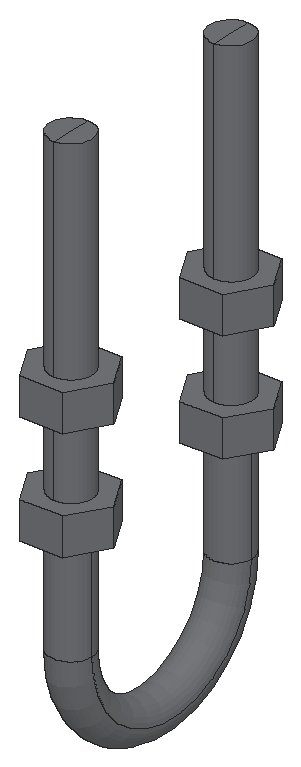
Revit family "7610P U-Bolt", category Pipe Accessories, Revit 2018
Family settings
  Round Connector Dimension = Use Diameter
  Part Type = Valve - Breaks Into
  Work Plane-Based = No
  Always vertical = Yes
  Cut with Voids When Loaded = No
  Shared = No
Parameters (values of type "7610P U-Bolt")
  Weight [instance] = size_lookup(LookupTable, "Weight", "NA", Nominal Diameter)  # "0.86 lbs."
  URL = "http://www.fnw.com"
  Standards Lookup Table = "Standards"  # constant formula
  R2 [instance] = C / 2  # 0.59375"
  R1 [instance] = D - E  # 0.4375"
  Product ID [instance] = size_lookup(LookupTable, "ProductID", "NA", Nominal Diameter)  # "4255191"
  Part Number [instance] = size_lookup(LookupTable, "PartNumber", "NA", Nominal Diameter)  # "FNW7610P0050"
  Nominal Diameter [instance] = 1/2"
  NR [instance] = size_lookup(NL, "nut_dia", 0.000", A)  # 0.4375"
  NL = "nut_hex_US"  # constant formula
  NH [instance] = size_lookup(NL, "nut_height", 0.000", A)  # 0.21875"
  LookupTable = "7610P U-Bolt"  # constant formula
  FM [instance] = F - (NH * 3)  # 1.46875"
  F [instance] = size_lookup(LookupTable, "F", 0.000", Nominal Diameter)  # 2.125"
  E [instance] = size_lookup(LookupTable, "E", 0.000", Nominal Diameter)  # 2.3125"
  Description BOM [instance] = size_lookup(LookupTable, "Description_BOM", "NA", Nominal Diameter)  # "1/2 Plain Standard U-BLT With Double Hex NUT"
  D [instance] = size_lookup(LookupTable, "D", 0.000", Nominal Diameter)  # 2.750"
  C [instance] = size_lookup(LookupTable, "C", 0.000", Nominal Diameter)  # 1.1875"
  BR [instance] = (C - B) / 2  # 0.125"
  B [instance] = size_lookup(LookupTable, "B", 0.000", Nominal Diameter)  # 0.9375"
  A [instance] = size_lookup(LookupTable, "A", 0.000", Nominal Diameter)  # 0.250"
Reference planes (in)
  plane 1 "Center (Front/Back)": y = 0
  plane 2: z = 0
  plane 3 "Center (Left/Right)": x = 0
  plane 4: y = 0.59375
  plane 5: y = -0.59375
  plane 6: z = 2.75
  plane 7: y = -0.46875
  plane 8: y = 0.46875
  plane 9: z = 0.4375
  plane 10: z = -0.4375
  plane 11 "HH1": z = 0.625
  plane 12 "HH2": z = 1.28125
Forms (in)
  Revolve 1, solid, material "Steel, Black"
    sketch origin (0, 0, 0) x (0, 1, 0) y (0, 0, 1)
      loop
        line (-0.59375, 0.625) -> (-0.46875, 0.625) -> (-0.46875, 2.75) -> (-0.59375, 2.75) -> (-0.59375, 0.625)
      axis (-0.59375, 2.75) -> (-0.59375, 0.625)
    angle from 0 to 360
  Revolve 2, solid, material "Steel, Black"
    sketch origin (0, 0, 0) x (0, 1, 0) y (0, 0, 1)
      loop
        line (0.59375, 2.75) -> (0.46875, 2.75) -> (0.46875, 0.625) -> (0.59375, 0.625) -> (0.59375, 2.75)
      axis (0.59375, 2.75) -> (0.59375, 0.625)
    angle from 0 to 360
  Sweep 3, solid, material "Steel, Black"
    path in 3D
      loop
        line (0, -0.59375, 0.625) -> (0, -0.59375, 0)
        arc (0, -0.59375, 0) -> (0, 0, -0.59375) -> (0, 0.59375, 0) r 0.59375
        line (0, 0.59375, 0) -> (0, 0.59375, 0.625)
    profile origin (0, -0.59375, 0.3125) x (1, 0, 0) y (0, 1, 0)
      loop
        circle (0, 0) r 0.125
Lines and regions (in)
  model lines, not visible
    curve 1: line (0, -0.59375, 0.625) -> (0, -0.59375, 0)
    curve 2: line (0, 0.59375, 0.625) -> (0, 0.59375, 0)
    curve 3: arc (0, -0.59375, 0) -> (0, 0, -0.59375) -> (0, 0.59375, 0) r 0.59375
  sketch lines
    curve 4: line (0, -0.59375, 0.625) -> (0, -0.59375, 0)
    curve 5: arc (0, -0.59375, 0) -> (0, 0, -0.59375) -> (0, 0.59375, 0) r 0.59375
    curve 6: line (0, 0.59375, 0.625) -> (0, 0.59375, 0)
  model lines, style "center"
    curve 7: line (0, 0, 0.94979) -> (0, 0, -1.11496)
    curve 8: line (0, -0.59375, 0) -> (0, 0.59375, 0)
Dimensions and locks (in)
  equal spacing: plane 5, plane 1 "Center (Front/Back)", plane 4  (x2)
  plane 5 to plane 4 = 1.1875"
  "C": plane 5 to plane 4
  "D": plane 2 to plane 6
  equal spacing: plane 7, plane 1 "Center (Front/Back)", plane 8
  "B": plane 7 to plane 8
  "E": plane 9 to plane 6
  "R1": plane 2 to plane 10
  "F": plane 11 "HH1" to plane 6
  "FM": plane 12 "HH2" to plane 6
  "R2": radius of curve 3
  "BR": radius of Sweep 3 sketch curve
  aligned and locked: plane 2 to level
  aligned and locked: Revolve 1 sketch curve to plane 11 "HH1"
  aligned and locked: plane 7 to Revolve 1 sketch curve
  aligned and locked: Revolve 1 sketch curve to plane 5  (x2)
  aligned and locked: Revolve 1 sketch curve to plane 6
  aligned and locked: plane 4 to Revolve 2 sketch curve
  aligned and locked: Revolve 2 sketch curve to plane 6
  aligned and locked: Revolve 2 sketch curve to plane 4
  aligned and locked: Revolve 2 sketch curve to plane 11 "HH1"
  aligned and locked: Revolve 2 sketch curve to plane 8
  aligned and locked: plane 11 "HH1" to curve 2
  aligned and locked: plane 2 to curve 2
  aligned and locked: plane 11 "HH1" to curve 1
  aligned and locked: nested 4 to plane 5
  aligned and locked: nested 2 to plane 5
  aligned and locked: plane 4 to nested 3
  aligned and locked: plane 4 to nested 1
  aligned and locked: curve 8 to plane 2
Automatic sketch dimensions
  plane 11 "HH1" to Revolve 1 sketch curve = 0.28333"
  Revolve 1 sketch curve to plane 6 = 0.09198"
  plane 9 to Revolve 2 sketch curve = 0.1403"
  Revolve 2 sketch curve to Revolve 2 sketch curve = 0.09198"
  curve 1 to plane 5 = 0.000"
  curve 7 to plane 1 "Center (Front/Back)" = 0.000"
  plane 10 to curve 7 = 0.67746"
  plane 11 "HH1" to curve 7 = 0.32479"
  profile plane to Sweep 3 sketch curve = 0.000"
  Sweep 3 sketch curve to profile plane = 0.000"
Nested families (in)
  nested 1: "nest hex nut" at (0, 0.59375, 0.625), BHX1 <- "NH", SCD3 <- "NR", type "nest hex nut"
    with Weight "", SCR3 0.21875", SCD3 0.4375", Product ID "", Part Number "", Nominal Diameter 1/2", Description BOM "", Center of Hex 12.000", BHX1 0.21875"
  nested 2: "nest hex nut" at (0, -0.59375, 0.625), BHX1 <- "NH", SCD3 <- "NR", type "nest hex nut"
    with Weight "", SCR3 0.21875", SCD3 0.4375", Product ID "", Part Number "", Nominal Diameter 1/2", Description BOM "", Center of Hex 12.000", BHX1 0.21875"
  nested 3: "nest hex nut" at (0, 0.59375, 1.28125), BHX1 <- "NH", SCD3 <- "NR", type "nest hex nut"
    with Weight "", SCR3 0.21875", SCD3 0.4375", Product ID "", Part Number "", Nominal Diameter 1/2", Description BOM "", Center of Hex 12.000", BHX1 0.21875"
  nested 4: "nest hex nut" at (0, -0.59375, 1.28125), BHX1 <- "NH", SCD3 <- "NR", type "nest hex nut"
    with Weight "", SCR3 0.21875", SCD3 0.4375", Product ID "", Part Number "", Nominal Diameter 1/2", Description BOM "", Center of Hex 12.000", BHX1 0.21875"
Definition of nested family "nest hex nut"
  Parameters (values of type "nest hex nut")
    Weight [instance] = ""
    URL = "http://www.fnw.com"
    Standards Lookup Table = "Standards"  # constant formula
    SCR3 [instance] = SCD3 / 2  # 0.500"
    SCD3 [instance] = 1.000"
    Product ID [instance] = ""
    Part Number [instance] = ""
    Nominal Diameter [instance] = 1/2"
    LookupTable = ""
    Description BOM [instance] = ""
    Default Elevation = 48.000"
    Center of Hex [instance] = 12.000"
    BHX1 [instance] = 0.70262"
    120 = 120.00°
  Reference planes (in)
    plane 1 "Center (Front/Back)": y = 0
    plane 2: z = 0
    plane 3 "Center (Left/Right)": x = 0
    plane 4: z = 0.70262
    plane 5: x = 0
  Forms (in)
    Extrusion 1, solid
      sketch origin (-12, 0, 0) x (1, 0, 0) y (0, 1, 0)
        loop
          line (12.57735, 0) -> (12.28868, 0.5) -> (11.71132, 0.5) -> (11.42265, 0) -> (11.71132, -0.5) -> (12.28868, -0.5) -> (12.57735, 0)
      from 0 to 0.70262
  Dimensions and locks (in)
    "BHX1": plane 4 to plane 2
    equal spacing: Extrusion 1 sketch curve, plane 5, Extrusion 1 sketch curve  (x2)
    equal spacing: Extrusion 1 sketch curve, plane 1 "Center (Front/Back)", Extrusion 1 sketch curve
    "SCD3": Extrusion 1 sketch curve to Extrusion 1 sketch curve  (x3)
    "120": angle Extrusion 1 sketch curve to Extrusion 1 sketch curve  (x5)
    aligned and locked: plane 2 to level
    aligned and locked: Extrusion 1 to plane 4
    aligned and locked: Extrusion 1 to plane 2
